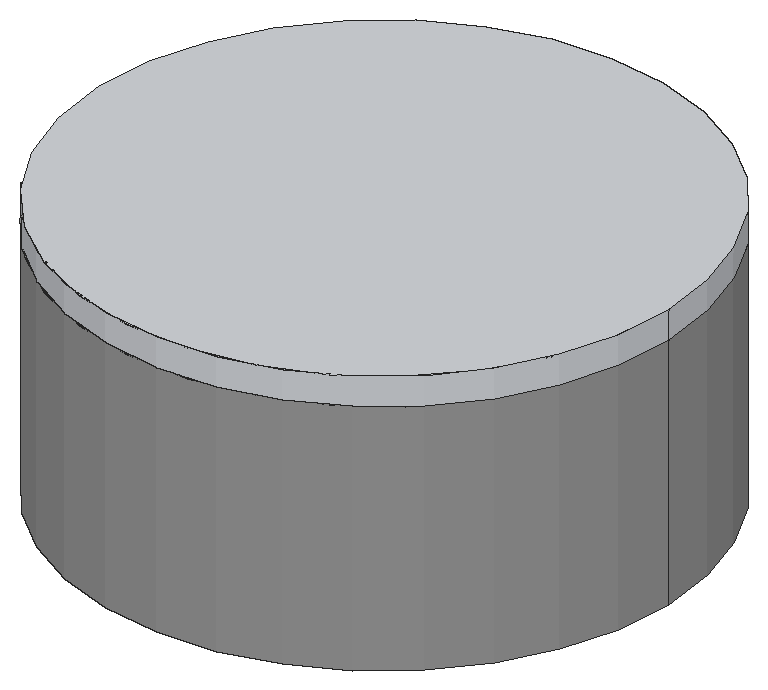
Revit family "Building-ContenitoriParete-GEWISS-44CE-CASSETTE-DERIVAZIONE-PARETE_ROTONDE", category Apparecchi elettrici, host Superficie, Revit 2016
Family settings
  Host = Superficie
  Mantenere orientamento annotazione = Sì
  Tipo di parte = Normale
  Quota connettore circolare = Usa diametro
  Numero OmniClass = 23.80.30.14.24
  Titolo OmniClass = Junction Boxes
  Taglio con vuoti quando caricato = No
  Condiviso = No
  Punto di calcolo locali = Sì
Parameters (values of type "GW44052 - CASS.IP44 DIAM.80X40 PASSACAVI GWT 960°C")
  coperchio scatola = GEWISS COPERCHIO
  Voltaggio = 0 V
  Versione file RFA = "18.0"
  VISTA DI PIANTA [instance] = yes
  URL = "https://www.gewiss.com/it/it"
  Tipo Materiale = ""
  Termopressione con biglia = "85 °C"
  Temperatura di impiego = "-25 +60 °C"
  Scheda Tecnica = "https://www.gewiss.com/it/it/search?q=GW44052"
  SEO = "Cassetta"
  Resistenza agli urti = "IK07"
  Produttore = "GEWISS S.p.A."
  Pareti = "Con passacavi"
  Modello = "GW44052"
  Materiale = "Tecnopolimero GWPLAST 75"
  Immagine tipo = GW44001.jpg
  Scatola = GEWISS SCATOLA
  SIMBOLO [instance] = yes
  Raggio coperchio = Foro + 3 mm  # 45 mm
  IDT = "7d4f1a4b-4295-41f9-b726-f05049c8eb16"
  IDF = "a891d691-e4ca-4168-bfca-822674811c97"
  Grado di protezione = "IP44"
  Glow Wire Test = "960°C"
  GEWISS SCHEDA TECNICA = "http://pro.gewiss.com/irj/portal/?NavigationTarget=pcd:portal_content/com.gewiss.ZPPFDMain/com.gewiss.ZPPFDITMain/com.gewiss.ZPPFDITMainDefault/com.gewiss.ZPPFDITPages/com.gewiss.ZPPFDITPagesAP/com.gewiss.ZPPFDITPagesAPCatalogo/com.gewiss.ZPPPDITAPProductDetail&codProd=GW44052"
  Foro = Raggio + 2 mm  # 42 mm
  Raggio = 40 mm
  Entrate N. fori / Ã˜ = "4 / 23"
  Distanza orizzontale simbolo [instance] = 181 mm
  Distanza dal muro [instance] = 4.208 mm
  Prospetto di default = 250 mm
  Spessore = 35 mm
  Elemento di dettaglio = ELEMENTI DI DETTAGLIO 44CE-ROUND : Ø 80x40
  Dim. interne BxHxP (mm) = "Ø 80x40"
  Diametro scatola = Raggio * 2  # 80 mm
  Descrizione = "CASS.IP44 DIAM.80X40 PASSACAVI GWT 960°C"
  Creato da GEWISS S.p.A. = ""
  Corrugato = none
  Coperchio = "Basso a pressione"
  Colore coperchio = ""
  Colore cassetta = ""
  Colore = "Grigio RAL 7035"
  Codice Electrocod = "02210"
  Codice EAN = "8011564217720"
  Classificazione = Other
  Classe isolamento = "II (secondo Norma IEC 61140)"
  Catalogo Serie = "44 CE"
  Catalogo = "BUILDING"
  Carico apparente = 0 VA
  CORNICE SIMBOLO [instance] = yes
  COBie.Tagnumber = ""
  COBie.CreatedOn = ""
  COBie.CreatebBy = ""
  COBie.ComponentRegisterItemID = ""
  COBie.Component.TagNumber = ""
  COBie.Component.Space = ""
  COBie.Component.SerialNumber = ""
  COBie.Component.InstallationDate = ""
  COBie.Component.Description = ""
  COBie.Component.BarCode = ""
  Applicazione = "Derivazioni speciali"
  Accessori per ripristino isolamento = "GW44622"
Types (5, lengths in mm): name | Tipo Materiale | Scheda Tecnica | Modello | Immagine tipo | Scatola | Raggio coperchio | IDT | Glow Wire Test | GEWISS SCHEDA TECNICA | Foro | Raggio | Elemento di dettaglio | Dim. interne BxHxP (mm) | Diametro scatola | Descrizione | Colore coperchio | Colore cassetta | Colore | Codice EAN | Applicazione
  GW44001 - CASSETTA IP44 DIAM.65X35 CON PASSACAVI | "Halogen free secondo norma EN 60754-2" | "https://www.gewiss.com/it/it/search?q=GW44001" | "GW44001" | GW44001.jpg | GEWISS SCATOLA | 37.5 | "660c6dfd-ea2f-46c9-9122-45e4e3070b40" | "650°C" | "http://pro.gewiss.com/irj/portal/?NavigationTarget=pcd:portal_content/com.gewiss.ZPPFDMain/com.gewiss.ZPPFDITMain/com.gewiss.ZPPFDITMainDefault/com.gewiss.ZPPFDITPages/com.gewiss.ZPPFDITPagesAP/com.gewiss.ZPPFDITPagesAPCatalogo/com.gewiss.ZPPPDITAPProductDetail&codProd=GW44001" | 34.5 | 32.5 | ELEMENTI DI DETTAGLIO 44CE-ROUND : Ø 65x35 | "Ø 65x35" | 65 | "CASSETTA IP44 DIAM.65X35 CON PASSACAVI" | "" | "" | "Grigio RAL 7035" | "8011564013667" | "Derivazioni ordinarie"
  GW44002 - CASSETTA IP44 DIAM.80X40 CON PASSACAVI | "Halogen free secondo norma EN 60754-2" | "https://www.gewiss.com/it/it/search?q=GW44002" | "GW44002" | GW44002.jpg | GEWISS SCATOLA | 45 | "f215516a-3b99-4cdb-8584-1a1891b5a973" | "650°C" | "http://pro.gewiss.com/irj/portal/?NavigationTarget=pcd:portal_content/com.gewiss.ZPPFDMain/com.gewiss.ZPPFDITMain/com.gewiss.ZPPFDITMainDefault/com.gewiss.ZPPFDITPages/com.gewiss.ZPPFDITPagesAP/com.gewiss.ZPPFDITPagesAPCatalogo/com.gewiss.ZPPPDITAPProductDetail&codProd=GW44002" | 42 | 40 | ELEMENTI DI DETTAGLIO 44CE-ROUND : Ø 80x40 | "Ø 80x40" | 80 | "CASSETTA IP44 DIAM.80X40 CON PASSACAVI" | "" | "" | "Grigio RAL 7035" | "8011564013674" | "Derivazioni ordinarie"
  GW44051 - CASS.IP44 DIAM.65X35 PASSACAVI GWT 960°C | "" | "https://www.gewiss.com/it/it/search?q=GW44051" | "GW44051" | GW44001.jpg | GEWISS SCATOLA | 37.5 | "1d503d68-e105-457d-8078-3e6d07989342" | "960°C" | "http://pro.gewiss.com/irj/portal/?NavigationTarget=pcd:portal_content/com.gewiss.ZPPFDMain/com.gewiss.ZPPFDITMain/com.gewiss.ZPPFDITMainDefault/com.gewiss.ZPPFDITPages/com.gewiss.ZPPFDITPagesAP/com.gewiss.ZPPFDITPagesAPCatalogo/com.gewiss.ZPPPDITAPProductDetail&codProd=GW44051" | 34.5 | 32.5 | ELEMENTI DI DETTAGLIO 44CE-ROUND : Ø 65x35 | "Ø 65x35" | 65 | "CASS.IP44 DIAM.65X35 PASSACAVI GWT 960°C" | "" | "" | "Grigio RAL 7035" | "8011564180369" | "Derivazioni speciali"
  GW44051R - CASS.IP44 D.65X35 P.CAVI GWT 960°C R/G | "" | "https://www.gewiss.com/it/it/search?q=GW44051R" | "GW44051R" | GW44051R.jpg | ROSSO RAL 3000 | 37.5 | "aff0a857-a63f-4b1f-a961-0a87f282ccfd" | "960°C" | "http://pro.gewiss.com/irj/portal/?NavigationTarget=pcd:portal_content/com.gewiss.ZPPFDMain/com.gewiss.ZPPFDITMain/com.gewiss.ZPPFDITMainDefault/com.gewiss.ZPPFDITPages/com.gewiss.ZPPFDITPagesAP/com.gewiss.ZPPFDITPagesAPCatalogo/com.gewiss.ZPPPDITAPProductDetail&codProd=GW44051R" | 34.5 | 32.5 | ELEMENTI DI DETTAGLIO 44CE-ROUND : Ø 65x35 | "Ø 65x35" | 65 | "CASS.IP44 D.65X35 P.CAVI GWT 960°C R/G" | "Grigio RAL 7035" | "Rosso RAL 3000" | "" | "8011564261617" | "Derivazioni speciali"
  GW44052 - CASS.IP44 DIAM.80X40 PASSACAVI GWT 960°C | "" | "https://www.gewiss.com/it/it/search?q=GW44052" | "GW44052" | GW44001.jpg | GEWISS SCATOLA | 45 | "7d4f1a4b-4295-41f9-b726-f05049c8eb16" | "960°C" | "http://pro.gewiss.com/irj/portal/?NavigationTarget=pcd:portal_content/com.gewiss.ZPPFDMain/com.gewiss.ZPPFDITMain/com.gewiss.ZPPFDITMainDefault/com.gewiss.ZPPFDITPages/com.gewiss.ZPPFDITPagesAP/com.gewiss.ZPPFDITPagesAPCatalogo/com.gewiss.ZPPPDITAPProductDetail&codProd=GW44052" | 42 | 40 | ELEMENTI DI DETTAGLIO 44CE-ROUND : Ø 80x40 | "Ø 80x40" | 80 | "CASS.IP44 DIAM.80X40 PASSACAVI GWT 960°C" | "" | "" | "Grigio RAL 7035" | "8011564217720" | "Derivazioni speciali"
Reference planes
  plane 1 "Centro (Fronte/Retro)": y = 0
  plane 2: z = 0
  plane 3 "Centro (Sinistra/Destra)": x = 0
  plane 4: z = 35
  plane 5: z = 2
  plane 6: z = 39
  plane 7: x = -40
  plane 8: x = 40
  plane 9: y = 40
  plane 10: y = -40
  plane 11: x = -181
Forms (mm)
  Extrusion 1, solid, material "GEWISS SCATOLA" <- "Scatola"
    sketch origin (0, 0, 0) x (1, 0, 0) y (0, 1, 0)
      loop
        circle (0, 0) r 42
      loop
        circle (0, 0) r 40
    from 0 to 35
  Extrusion 2, solid
    sketch origin (0, 0, 0) x (1, 0, 0) y (0, 1, 0)
      loop
        circle (0, 0) r 40
    from 0 to 2
  Extrusion 3, solid
    sketch origin (0, 0, -7.912) x (-1, 0, 0) y (0, -1, 0)
      loop
        circle (0, 0) r 42
    from 42.912 to 46.912
Lines and regions (mm)
  Masking region 1, visible <- "VISTA DI PIANTA"
    outline origin (0, 0, 0) x (1, 0, 0) y (0, 0, 1)
      loop
        line (-40, 0) -> (40, 0) -> (40, 39) -> (-40, 39) -> (-40, 0)
  Masking region 2
    outline origin (0, 0, 0) x (0, 1, 0) y (0, 0, 1)
      loop
        line (-40, 0) -> (40, 0) -> (40, 39) -> (-40, 39) -> (-40, 0)
Dimensions and locks
  "Spessore": plane 4 to host face
  locked: plane 6 to plane 4 at 4
  equal spacing: plane 7, plane 3 "Centro (Sinistra/Destra)", plane 8
  "Diametro scatola": plane 7 to plane 8
  equal spacing: plane 9, plane 1 "Centro (Fronte/Retro)", plane 10
  "Diametro scatola": plane 9 to plane 10
  "Distanza orizzontale simbolo": plane 11 to plane 3 "Centro (Sinistra/Destra)"
  "Foro": radius of Extrusion 1 sketch curve
  "Raggio": radius of Extrusion 1 sketch curve
  "Raggio": radius of Extrusion 2 sketch curve
  "Diametro scatola": diameter of Extrusion 1
  aligned and locked: plane 2 to host face
  aligned and locked: level to host face
  aligned and locked: plane 3 "Centro (Sinistra/Destra)" to nested 1
  aligned and locked: plane 1 "Centro (Fronte/Retro)" to nested 1
  aligned and locked: Extrusion 1 to host face
  aligned and locked: plane 4 to Extrusion 1
  aligned and locked: Extrusion 2 to host face
  aligned and locked: plane 5 to Extrusion 2
  aligned and locked: Extrusion 3 to plane 4
  aligned and locked: plane 6 to Extrusion 3
  aligned and locked: Extrusion 3 sketch curve to Extrusion 1
  aligned and locked: Extrusion 1 to Masking region 1 sketch curve
  aligned and locked: Extrusion 3 to Masking region 1 sketch curve
  aligned and locked: Extrusion 1 to Masking region 2 sketch curve
  aligned and locked: Extrusion 3 to Masking region 2 sketch curve
  aligned and locked: plane 8 to Masking region 1
  aligned and locked: Masking region 2 to plane 10
  aligned and locked: plane 9 to Masking region 2
  aligned and locked: plane 11 to nested 2
Automatic sketch dimensions
  host sketch curve to host sketch curve = 2438.4 mm  (x2)
  plane 1 "Centro (Fronte/Retro)" to Masking region 2 sketch curve = 40 mm
  Masking region 2 sketch curve to plane 1 "Centro (Fronte/Retro)" = 40 mm
  Masking region 1 sketch curve to plane 7 = 0 mm
  plane 8 to Masking region 1 sketch curve = 0 mm
  Extrusion 1 sketch curve to Extrusion 1 sketch curve = 0 mm  (x2)
  plane 1 "Centro (Fronte/Retro)" to Extrusion 1 sketch curve = 0 mm
  Extrusion 1 sketch curve to plane 3 "Centro (Sinistra/Destra)" = 0 mm
  plane 1 "Centro (Fronte/Retro)" to Extrusion 2 sketch curve = 0 mm
  Extrusion 2 sketch curve to plane 3 "Centro (Sinistra/Destra)" = 0 mm
Nested families
  nested 1: "ELEMENTI DI DETTAGLIO 44CE-ROUND" at (0, 0, -7.912), type <- "Elemento di dettaglio", type "Ø 80x40", detail levels medium+fine
  nested 2: "CASSDERIVAZPARPASS" at (-181, 328.774, 0), BORDO ACCESO <- "CORNICE SIMBOLO", SIMBOLO ACCESO <- "SIMBOLO", Distanza dal muro <- "Distanza dal muro", type "CASSETTA"
    with SIMBOLO ACCESO yes, Distanza dal muro 4.208 mm, BORDO ACCESO yes
Connectors
  electrical at (0, 0, 0), driven by "Classificazione", driven by "Voltaggio", driven by "Carico apparente"
    settings: on Extrusion 1, index 1, voltage 0 V, apparent load 0 VA, apparent load phase1 0 VA, apparent load phase2 0 VA, apparent load phase3 0 VA, power factor 1, load classification "Other", number of poles 1, system type 31, power factor state 1, is connector primary yes, connector utility no, sub classification motor no, connector description ""
Definition of nested family "ELEMENTI DI DETTAGLIO 44CE-ROUND"
  Parameters (values of type "Ø 80x40")
    GW44002 = yes
    GW44001 = no
  Types (2, lengths in mm): name | GW44002 | GW44001
    Ø 65x35 | no | yes
    Ø 80x40 | yes | no
  Reference planes
    plane 1 "Centro (Fronte/Retro)": y = 0
    plane 2: z = 0
    plane 3 "Centro (Sinistra/Destra)": x = 0
  Lines and regions (mm)
    detail lines, in view "Livello rif.", visible <- "GW44001"
      curve 1: line (-50.971, -0.033, 0) -> (50.909, -0.033, 0)
      curve 2: line (0.065, 34.389, 0) -> (0.065, -47.726, 0)
      curve 3: arc (-32.187, 4.08, 0) -> (1.777, -32.4, 0) -> (31.467, 7.635, 0) r 32.418
      curve 4: arc (-33.915, 3.934, 0) -> (2.015, -34.188, 0) -> (33.373, 7.775, 0) r 34.211
      curve 5: arc (-6.994, -33.507, 0) -> (-7.913, -34.857, 0) -> (-6.689, -35.937, 0) r 1.234
      curve 6: arc (6.819, -35.937, 0) -> (8.043, -34.857, 0) -> (7.124, -33.507, 0) r 1.234
      curve 7: arc (-3.845, -35.937, 0) -> (-4.828, -37.269, 0) -> (-3.6, -38.38, 0) r 1.234
      curve 8: arc (3.73, -38.38, 0) -> (4.958, -37.269, 0) -> (3.975, -35.937, 0) r 1.234
      curve 9: arc (-1.271, -38.38, 0) -> (0.065, -39.717, 0) -> (1.402, -38.38, 0) r 1.336
      curve 10: arc (-3.888, 39.556, 0) -> (-5.116, 38.445, 0) -> (-4.133, 37.112, 0) r 1.234
      curve 11: arc (-6.976, 37.112, 0) -> (-8.187, 36.118, 0) -> (-7.446, 34.737, 0) r 1.234
      curve 12: arc (3.688, 37.112, 0) -> (4.671, 38.445, 0) -> (3.443, 39.556, 0) r 1.234
      curve 13: arc (1.114, 39.556, 0) -> (-0.222, 40.893, 0) -> (-1.559, 39.556, 0) r 1.336
      curve 14: arc (7.183, 34.83, 0) -> (7.718, 36.217, 0) -> (6.532, 37.112, 0) r 1.234
      curve 15: arc (35.969, 6.721, 0) -> (34.889, 7.946, 0) -> (33.539, 7.027, 0) r 1.234
      curve 16: arc (35.969, -3.943, 0) -> (37.302, -4.926, 0) -> (38.413, -3.698, 0) r 1.234
      curve 17: arc (33.539, -7.092, 0) -> (34.889, -8.011, 0) -> (35.969, -6.787, 0) r 1.234
      curve 18: arc (38.413, -1.369, 0) -> (39.749, -0.033, 0) -> (38.413, 1.304, 0) r 1.336
      curve 19: arc (38.413, 3.633, 0) -> (37.302, 4.861, 0) -> (35.969, 3.878, 0) r 1.234
      curve 20: arc (-38.283, -3.698, 0) -> (-37.172, -4.926, 0) -> (-35.839, -3.943, 0) r 1.234
      curve 21: arc (-35.839, -6.787, 0) -> (-34.759, -8.011, 0) -> (-33.409, -7.092, 0) r 1.234
      curve 22: arc (-35.839, 3.878, 0) -> (-37.172, 4.861, 0) -> (-38.283, 3.633, 0) r 1.234
      curve 23: arc (-38.283, 1.304, 0) -> (-39.619, -0.033, 0) -> (-38.283, -1.369, 0) r 1.336
      curve 24: arc (-34.475, 7.948, 0) -> (-35.43, 7.639, 0) -> (-35.839, 6.721, 0) r 1.234
      curve 25: circle (0.065, -0.033, 0) r 3.665 normal (0, 0, 1)
      curve 26: circle (0.065, -0.033, 0) r 4.887 normal (0, 0, 1)
      curve 27: arc (9.871, -6.659, 0) -> (6.688, -6.656, 0) -> (6.691, -9.838, 0) r 2.248
      curve 28: arc (9.444, -7.716, 0) -> (7.748, -7.716, 0) -> (7.748, -9.412, 0) r 1.199
      curve 29: arc (17.212, -18.875, 0) -> (18.908, -18.874, 0) -> (18.906, -17.177, 0) r 1.199
      curve 30: arc (16.786, -19.934, 0) -> (19.968, -19.934, 0) -> (19.964, -16.752, 0) r 2.248
      curve 31: arc (-7.616, -9.41, 0) -> (-7.619, -7.715, 0) -> (-9.314, -7.716, 0) r 1.199
      curve 32: arc (-6.562, -9.839, 0) -> (-6.556, -6.658, 0) -> (-9.738, -6.656, 0) r 2.248
      curve 33: arc (-19.835, -16.753, 0) -> (-19.837, -19.935, 0) -> (-16.654, -19.932, 0) r 2.248
      curve 34: arc (-18.777, -17.179, 0) -> (-18.778, -18.875, 0) -> (-17.083, -18.876, 0) r 1.199
      curve 35: circle (-21.927, -0.033, 0) r 2.444 normal (0, 0, 1)
      curve 36: circle (22.058, -0.033, 0) r 2.444 normal (0, 0, 1)
      curve 37: arc (34.652, 7.953, 0) -> (-2.121, 35.478, 0) -> (-35.182, 3.59, 0) r 35.442
      curve 38: arc (1.038, 6.962, 0) -> (-4.499, 7.572, 0) -> (-10.069, 7.635, 0) r 56.535
      curve 39: arc (-30.769, 3.934, 0) -> (-20.412, 5.745, 0) -> (-10.069, 7.635, 0) r 1387.065
      curve 40: arc (-30.769, 3.934, 0) -> (-32.998, 4.056, 0) -> (-35.182, 3.59, 0) r 8.447
      curve 41: arc (26.449, 7.635, 0) -> (13.728, 7.867, 0) -> (1.038, 6.962, 0) r 142.173
      curve 42: arc (26.449, 7.635, 0) -> (30.37, 7.589, 0) -> (34.282, 7.869, 0) r 47.185
      curve 43: arc (4.727, 69.416, 0) -> (0.946, 70.415, 0) -> (-2.83, 69.396, 0) r 7.579
      curve 44: arc (-2.779, 69.425, 0) -> (0.973, 68.416, 0) -> (4.727, 69.416, 0) r 7.51
      curve 45: arc (-2.83, 69.396, 0) -> (-6.437, 69.788, 0) -> (-9.935, 68.824, 0) r 9.668
      curve 46: line (22.229, -22.197, 0) -> (0.065, -0.033, 0)
      curve 47: line (0.065, -0.033, 0) -> (-22.099, -22.197, 0)
      curve 48: line (-3.6, -38.38, 0) -> (3.73, -38.38, 0)
      curve 49: line (-6.689, -35.937, 0) -> (6.819, -35.937, 0)
      curve 50: line (9.654, -28.45, 0) -> (-9.506, -28.45, 0)
      curve 51: line (-9.506, -28.45, 0) -> (-10.979, -30.599, 0)
      curve 52: line (-10.979, -30.599, 0) -> (11.013, -30.599, 0)
      curve 53: line (11.013, -30.599, 0) -> (9.654, -28.45, 0)
      curve 54: line (-16.654, -19.932, 0) -> (-6.562, -9.839, 0)
      curve 55: line (-17.083, -18.876, 0) -> (-7.616, -9.41, 0)
      curve 56: line (-30.511, 3.978, 0) -> (-30.511, -11.049, 0)
      curve 57: line (-30.511, -11.049, 0) -> (-28.367, -9.577, 0)
      curve 58: line (-28.367, -9.577, 0) -> (-28.367, 4.608, 0)
      curve 59: line (-19.835, -16.753, 0) -> (-9.738, -6.656, 0)
      curve 60: line (-18.777, -17.179, 0) -> (-9.314, -7.716, 0)
      curve 61: line (-21.927, 4.607, 0) -> (-21.927, -4.141, 0)
      curve 62: line (30.6, 7.596, 0) -> (30.6, -11.163, 0)
      curve 63: line (30.6, -11.163, 0) -> (28.497, -9.69, 0)
      curve 64: line (28.497, -9.69, 0) -> (28.497, 7.57, 0)
      curve 65: line (18.906, -17.177, 0) -> (9.444, -7.716, 0)
      curve 66: line (19.964, -16.752, 0) -> (9.871, -6.659, 0)
      curve 67: line (16.786, -19.934, 0) -> (6.691, -9.838, 0)
      curve 68: line (17.212, -18.875, 0) -> (7.748, -9.412, 0)
      curve 69: line (22.058, 4.607, 0) -> (22.058, -4.141, 0)
      curve 70: line (-6.976, 37.112, 0) -> (6.532, 37.112, 0)
      curve 71: line (-3.888, 39.556, 0) -> (3.443, 39.556, 0)
      curve 72: line (35.969, -6.787, 0) -> (35.969, 6.721, 0)
      curve 73: line (38.413, -3.698, 0) -> (38.413, 3.633, 0)
      curve 74: line (-35.839, -6.787, 0) -> (-35.839, 6.721, 0)
      curve 75: line (-38.283, -3.698, 0) -> (-38.283, 3.633, 0)
      curve 76: line (-9.935, 68.824, 0) -> (-9.935, 34.389, 0)
      curve 77: line (-9.935, 34.389, 0) -> (10.065, 34.389, 0)
      curve 78: line (10.065, 34.389, 0) -> (10.065, 68.824, 0)
      curve 79: line (10.065, 68.824, 0) -> (4.727, 69.416, 0)
      curve 80: line (-9.935, 68.199, 0) -> (-9.935, 58.139, 0)
      curve 81: line (10.065, 68.199, 0) -> (10.065, 58.139, 0)
    detail lines, in view "Livello rif.", visible <- "GW44002"
      curve 82: line (-50.971, 0, 0) -> (50.909, 0, 0)
      curve 83: line (0.065, 54.865, 0) -> (0.065, -47.693, 0)
      curve 84: arc (-39.605, 5.059, 0) -> (2.17, -39.812, 0) -> (38.69, 9.431, 0) r 39.874
      curve 85: arc (-41.73, 4.879, 0) -> (2.463, -42.011, 0) -> (41.034, 9.603, 0) r 42.079
      curve 86: arc (-8.618, -41.173, 0) -> (-9.748, -42.833, 0) -> (-8.242, -44.162, 0) r 1.518
      curve 87: arc (8.372, -44.162, 0) -> (9.878, -42.833, 0) -> (8.748, -41.173, 0) r 1.518
      curve 88: arc (-4.745, -44.162, 0) -> (-5.954, -45.801, 0) -> (-4.443, -47.168, 0) r 1.518
      curve 89: arc (4.574, -47.168, 0) -> (6.084, -45.801, 0) -> (4.875, -44.162, 0) r 1.518
      curve 90: arc (-1.271, -47.168, 0) -> (0.065, -48.504, 0) -> (1.402, -47.168, 0) r 1.336
      curve 91: arc (-4.797, 48.694, 0) -> (-6.307, 47.328, 0) -> (-5.098, 45.689, 0) r 1.518
      curve 92: arc (-8.596, 45.689, 0) -> (-10.085, 44.465, 0) -> (-9.174, 42.767, 0) r 1.518
      curve 93: arc (4.521, 45.689, 0) -> (5.73, 47.328, 0) -> (4.22, 48.694, 0) r 1.518
      curve 94: arc (1.355, 48.694, 0) -> (-0.289, 50.338, 0) -> (-1.932, 48.694, 0) r 1.644
      curve 95: arc (8.82, 42.881, 0) -> (9.478, 44.587, 0) -> (8.019, 45.689, 0) r 1.518
      curve 96: arc (44.227, 8.307, 0) -> (42.898, 9.813, 0) -> (41.238, 8.683, 0) r 1.518
      curve 97: arc (44.227, -4.81, 0) -> (45.866, -6.019, 0) -> (47.233, -4.508, 0) r 1.518
      curve 98: arc (41.238, -8.683, 0) -> (42.898, -9.813, 0) -> (44.227, -8.307, 0) r 1.518
      curve 99: arc (47.233, -1.644, 0) -> (48.877, 0, 0) -> (47.233, 1.644, 0) r 1.644
      curve 100: arc (47.233, 4.508, 0) -> (45.866, 6.019, 0) -> (44.227, 4.81, 0) r 1.518
      curve 101: arc (-47.103, -4.508, 0) -> (-45.736, -6.019, 0) -> (-44.097, -4.81, 0) r 1.518
      curve 102: arc (-44.097, -8.307, 0) -> (-42.768, -9.813, 0) -> (-41.108, -8.683, 0) r 1.518
      curve 103: arc (-44.097, 4.81, 0) -> (-45.736, 6.019, 0) -> (-47.103, 4.508, 0) r 1.518
      curve 104: arc (-47.103, 1.644, 0) -> (-48.746, 0, 0) -> (-47.103, -1.644, 0) r 1.644
      curve 105: arc (-42.419, 9.817, 0) -> (-43.594, 9.436, 0) -> (-44.097, 8.307, 0) r 1.518
      curve 106: circle (0.065, 0, 0) r 4.508 normal (0, 0, 1)
      curve 107: circle (0.065, 0, 0) r 6.011 normal (0, 0, 1)
      curve 108: arc (12.126, -8.15, 0) -> (8.212, -8.147, 0) -> (8.215, -12.061, 0) r 2.765
      curve 109: arc (11.601, -9.45, 0) -> (9.515, -9.45, 0) -> (9.515, -11.536, 0) r 1.475
      curve 110: arc (21.155, -23.176, 0) -> (23.242, -23.175, 0) -> (23.239, -21.088, 0) r 1.475
      curve 111: arc (20.632, -24.478, 0) -> (24.546, -24.478, 0) -> (24.54, -20.564, 0) r 2.765
      curve 112: arc (-9.383, -11.534, 0) -> (-9.386, -9.449, 0) -> (-11.471, -9.45, 0) r 1.475
      curve 113: arc (-8.086, -12.062, 0) -> (-8.079, -8.149, 0) -> (-11.992, -8.147, 0) r 2.765
      curve 114: arc (-24.412, -20.566, 0) -> (-24.414, -24.48, 0) -> (-20.5, -24.476, 0) r 2.765
      curve 115: arc (-23.111, -21.09, 0) -> (-23.112, -23.175, 0) -> (-21.026, -23.177, 0) r 1.475
      curve 116: circle (-26.986, 0, 0) r 3.006 normal (0, 0, 1)
      curve 117: circle (27.116, 0, 0) r 3.006 normal (0, 0, 1)
      curve 118: arc (42.606, 9.822, 0) -> (-2.624, 43.679, 0) -> (-43.288, 4.456, 0) r 43.594
      curve 119: arc (1.261, 8.603, 0) -> (-5.549, 9.354, 0) -> (-12.4, 9.431, 0) r 69.539
      curve 120: arc (-37.86, 4.879, 0) -> (-25.122, 7.107, 0) -> (-12.4, 9.431, 0) r 1706.09
      curve 121: arc (-37.86, 4.879, 0) -> (-40.603, 5.029, 0) -> (-43.288, 4.456, 0) r 10.39
      curve 122: arc (32.517, 9.431, 0) -> (16.871, 9.717, 0) -> (1.261, 8.603, 0) r 174.873
      curve 123: arc (32.517, 9.431, 0) -> (37.341, 9.375, 0) -> (42.152, 9.719, 0) r 58.037
      curve 124: arc (4.613, 69.474, 0) -> (0.862, 70.473, 0) -> (-2.892, 69.484, 0) r 7.579
      curve 125: arc (-2.892, 69.484, 0) -> (0.859, 68.474, 0) -> (4.613, 69.474, 0) r 7.51
      curve 126: arc (-2.7, 69.376, 0) -> (-6.423, 69.856, 0) -> (-10.048, 68.882, 0) r 9.668
      curve 127: line (27.327, -27.262, 0) -> (0.065, 0, 0)
      curve 128: line (0.065, 0, 0) -> (-27.197, -27.262, 0)
      curve 129: line (-4.443, -47.168, 0) -> (4.574, -47.168, 0)
      curve 130: line (-8.242, -44.162, 0) -> (8.372, -44.162, 0)
      curve 131: line (11.859, -34.954, 0) -> (-11.708, -34.954, 0)
      curve 132: line (-11.708, -34.954, 0) -> (-13.519, -37.596, 0)
      curve 133: line (-13.519, -37.596, 0) -> (13.532, -37.596, 0)
      curve 134: line (13.532, -37.596, 0) -> (11.859, -34.954, 0)
      curve 135: line (-20.5, -24.476, 0) -> (-8.086, -12.062, 0)
      curve 136: line (-21.026, -23.177, 0) -> (-9.383, -11.534, 0)
      curve 137: line (-37.543, 4.933, 0) -> (-37.543, -13.55, 0)
      curve 138: line (-37.543, -13.55, 0) -> (-34.906, -11.739, 0)
      curve 139: line (-34.906, -11.739, 0) -> (-34.906, 5.709, 0)
      curve 140: line (-24.412, -20.566, 0) -> (-11.992, -8.147, 0)
      curve 141: line (-23.111, -21.09, 0) -> (-11.471, -9.45, 0)
      curve 142: line (-26.986, 5.707, 0) -> (-26.986, -5.053, 0)
      curve 143: line (37.623, 9.384, 0) -> (37.623, -13.69, 0)
      curve 144: line (37.623, -13.69, 0) -> (35.036, -11.879, 0)
      curve 145: line (35.036, -11.879, 0) -> (35.036, 9.352, 0)
      curve 146: line (23.239, -21.088, 0) -> (11.601, -9.45, 0)
      curve 147: line (24.54, -20.564, 0) -> (12.126, -8.15, 0)
      curve 148: line (20.632, -24.478, 0) -> (8.215, -12.061, 0)
      curve 149: line (21.155, -23.176, 0) -> (9.515, -11.536, 0)
      curve 150: line (27.116, 5.707, 0) -> (27.116, -5.053, 0)
      curve 151: line (-8.596, 45.689, 0) -> (8.019, 45.689, 0)
      curve 152: line (-4.797, 48.694, 0) -> (4.22, 48.694, 0)
      curve 153: line (44.227, -8.307, 0) -> (44.227, 8.307, 0)
      curve 154: line (47.233, -4.508, 0) -> (47.233, 4.508, 0)
      curve 155: line (-44.097, -8.307, 0) -> (-44.097, 8.307, 0)
      curve 156: line (-47.103, -4.508, 0) -> (-47.103, 4.508, 0)
      curve 157: line (-10.048, 68.882, 0) -> (-10.048, 50.013, 0)
      curve 158: line (-10.048, 50.013, 0) -> (9.952, 50.013, 0)
      curve 159: line (9.952, 50.013, 0) -> (9.952, 68.882, 0)
      curve 160: line (9.952, 68.882, 0) -> (4.613, 69.474, 0)
      curve 161: line (-10.048, 68.257, 0) -> (-10.048, 58.198, 0)
      curve 162: line (9.952, 68.257, 0) -> (9.952, 58.198, 0)
    detail lines, in view "Livello rif.", visible <- "GW44002", not visible
      curve 163: line (71.386, -0.904, 0) -> (173.266, -0.904, 0)
      curve 164: line (122.422, 53.961, 0) -> (122.422, -48.597, 0)
      curve 165: arc (82.752, 4.155, 0) -> (124.527, -40.716, 0) -> (161.046, 8.527, 0) r 39.874
      curve 166: arc (80.626, 3.975, 0) -> (124.82, -42.915, 0) -> (163.39, 8.699, 0) r 42.079
      curve 167: arc (113.739, -42.078, 0) -> (112.608, -43.738, 0) -> (114.114, -45.066, 0) r 1.518
      curve 168: arc (130.729, -45.066, 0) -> (132.235, -43.738, 0) -> (131.105, -42.078, 0) r 1.518
      curve 169: arc (117.612, -45.066, 0) -> (116.403, -46.705, 0) -> (117.913, -48.072, 0) r 1.518
      curve 170: arc (126.93, -48.072, 0) -> (128.441, -46.705, 0) -> (127.231, -45.066, 0) r 1.518
      curve 171: arc (121.085, -48.072, 0) -> (122.422, -49.408, 0) -> (123.758, -48.072, 0) r 1.336
      curve 172: arc (117.56, 47.79, 0) -> (116.049, 46.424, 0) -> (117.258, 44.784, 0) r 1.518
      curve 173: arc (113.761, 44.784, 0) -> (112.272, 43.561, 0) -> (113.183, 41.863, 0) r 1.518
      curve 174: arc (126.878, 44.784, 0) -> (128.087, 46.424, 0) -> (126.577, 47.79, 0) r 1.518
      curve 175: arc (123.712, 47.79, 0) -> (122.068, 49.434, 0) -> (120.424, 47.79, 0) r 1.644
      curve 176: arc (131.177, 41.977, 0) -> (131.835, 43.683, 0) -> (130.375, 44.784, 0) r 1.518
      curve 177: arc (166.584, 7.403, 0) -> (165.255, 8.909, 0) -> (163.595, 7.779, 0) r 1.518
      curve 178: arc (166.584, -5.714, 0) -> (168.223, -6.923, 0) -> (169.589, -5.413, 0) r 1.518
      curve 179: arc (163.595, -9.587, 0) -> (165.255, -10.718, 0) -> (166.584, -9.212, 0) r 1.518
      curve 180: arc (169.589, -2.548, 0) -> (171.233, -0.904, 0) -> (169.589, 0.74, 0) r 1.644
      curve 181: arc (169.589, 3.604, 0) -> (168.223, 5.115, 0) -> (166.584, 3.906, 0) r 1.518
      curve 182: arc (75.254, -5.413, 0) -> (76.621, -6.923, 0) -> (78.26, -5.714, 0) r 1.518
      curve 183: arc (78.26, -9.212, 0) -> (79.588, -10.718, 0) -> (81.248, -9.587, 0) r 1.518
      curve 184: arc (78.26, 3.906, 0) -> (76.621, 5.115, 0) -> (75.254, 3.604, 0) r 1.518
      curve 185: arc (75.254, 0.74, 0) -> (73.61, -0.904, 0) -> (75.254, -2.548, 0) r 1.644
      curve 186: arc (79.938, 8.913, 0) -> (78.763, 8.532, 0) -> (78.26, 7.403, 0) r 1.518
      curve 187: circle (122.422, -0.904, 0) r 4.508 normal (0, 0, 1)
      curve 188: circle (122.422, -0.904, 0) r 6.011 normal (0, 0, 1)
      curve 189: arc (134.483, -9.054, 0) -> (130.568, -9.051, 0) -> (130.572, -12.965, 0) r 2.765
      curve 190: arc (133.958, -10.354, 0) -> (131.872, -10.354, 0) -> (131.872, -12.44, 0) r 1.475
      curve 191: arc (143.512, -24.08, 0) -> (145.599, -24.079, 0) -> (145.596, -21.992, 0) r 1.475
      curve 192: arc (142.989, -25.382, 0) -> (146.903, -25.382, 0) -> (146.897, -21.469, 0) r 2.765
      curve 193: arc (112.974, -12.438, 0) -> (112.97, -10.353, 0) -> (110.886, -10.354, 0) r 1.475
      curve 194: arc (114.27, -12.966, 0) -> (114.277, -9.053, 0) -> (110.364, -9.051, 0) r 2.765
      curve 195: arc (97.945, -21.47, 0) -> (97.943, -25.384, 0) -> (101.857, -25.38, 0) r 2.765
      curve 196: arc (99.246, -21.994, 0) -> (99.245, -24.08, 0) -> (101.33, -24.081, 0) r 1.475
      curve 197: circle (95.371, -0.904, 0) r 3.006 normal (0, 0, 1)
      curve 198: circle (149.472, -0.904, 0) r 3.006 normal (0, 0, 1)
      curve 199: arc (164.963, 8.918, 0) -> (119.733, 42.775, 0) -> (79.068, 3.552, 0) r 43.594
      curve 200: arc (123.618, 7.699, 0) -> (116.808, 8.45, 0) -> (109.956, 8.527, 0) r 69.539
      curve 201: arc (84.496, 3.975, 0) -> (97.235, 6.202, 0) -> (109.956, 8.527, 0) r 1706.09
      curve 202: arc (84.496, 3.975, 0) -> (81.754, 4.125, 0) -> (79.068, 3.552, 0) r 10.39
      curve 203: arc (154.874, 8.527, 0) -> (139.227, 8.813, 0) -> (123.618, 7.699, 0) r 174.873
      curve 204: arc (154.874, 8.527, 0) -> (159.697, 8.471, 0) -> (164.509, 8.815, 0) r 58.037
      curve 205: arc (126.97, 68.57, 0) -> (123.218, 69.569, 0) -> (119.465, 68.579, 0) r 7.579
      curve 206: arc (119.465, 68.579, 0) -> (123.216, 67.57, 0) -> (126.97, 68.57, 0) r 7.51
      curve 207: arc (119.656, 68.472, 0) -> (115.933, 68.952, 0) -> (112.308, 67.978, 0) r 9.668
      curve 208: line (149.684, -28.166, 0) -> (122.422, -0.904, 0)
      curve 209: line (122.422, -0.904, 0) -> (95.159, -28.166, 0)
      curve 210: line (117.913, -48.072, 0) -> (126.93, -48.072, 0)
      curve 211: line (114.114, -45.066, 0) -> (130.729, -45.066, 0)
      curve 212: line (134.216, -35.858, 0) -> (110.649, -35.858, 0)
      curve 213: line (110.649, -35.858, 0) -> (108.837, -38.5, 0)
      curve 214: line (108.837, -38.5, 0) -> (135.888, -38.5, 0)
      curve 215: line (135.888, -38.5, 0) -> (134.216, -35.858, 0)
      curve 216: line (101.857, -25.38, 0) -> (114.27, -12.966, 0)
      curve 217: line (101.33, -24.081, 0) -> (112.974, -12.438, 0)
      curve 218: line (84.813, 4.029, 0) -> (84.813, -14.455, 0)
      curve 219: line (84.813, -14.455, 0) -> (87.45, -12.643, 0)
      curve 220: line (87.45, -12.643, 0) -> (87.45, 4.804, 0)
      curve 221: line (97.945, -21.47, 0) -> (110.364, -9.051, 0)
      curve 222: line (99.246, -21.994, 0) -> (110.886, -10.354, 0)
      curve 223: line (95.371, 4.802, 0) -> (95.371, -5.957, 0)
      curve 224: line (159.979, 8.48, 0) -> (159.979, -14.594, 0)
      curve 225: line (159.979, -14.594, 0) -> (157.393, -12.783, 0)
      curve 226: line (157.393, -12.783, 0) -> (157.393, 8.447, 0)
      curve 227: line (145.596, -21.992, 0) -> (133.958, -10.354, 0)
      curve 228: line (146.897, -21.469, 0) -> (134.483, -9.054, 0)
      curve 229: line (142.989, -25.382, 0) -> (130.572, -12.965, 0)
      curve 230: line (143.512, -24.08, 0) -> (131.872, -12.44, 0)
      curve 231: line (149.472, 4.802, 0) -> (149.472, -5.957, 0)
      curve 232: line (113.761, 44.784, 0) -> (130.375, 44.784, 0)
      curve 233: line (117.56, 47.79, 0) -> (126.577, 47.79, 0)
      curve 234: line (166.584, -9.212, 0) -> (166.584, 7.403, 0)
      curve 235: line (169.589, -5.413, 0) -> (169.589, 3.604, 0)
      curve 236: line (78.26, -9.212, 0) -> (78.26, 7.403, 0)
      curve 237: line (75.254, -5.413, 0) -> (75.254, 3.604, 0)
      curve 238: line (112.308, 67.978, 0) -> (112.308, 49.109, 0)
      curve 239: line (112.308, 49.109, 0) -> (132.308, 49.109, 0)
      curve 240: line (132.308, 49.109, 0) -> (132.308, 67.978, 0)
      curve 241: line (132.308, 67.978, 0) -> (126.97, 68.57, 0)
      curve 242: line (112.308, 67.353, 0) -> (112.308, 57.294, 0)
      curve 243: line (132.308, 67.353, 0) -> (132.308, 57.294, 0)
    detail lines, in view "Livello rif.", visible <- "GW44001", not visible
      curve 244: line (0.065, 34.389, 0) -> (0.065, -47.726, 0)
      curve 245: arc (-32.187, 4.08, 0) -> (1.777, -32.4, 0) -> (31.467, 7.635, 0) r 32.418
      curve 246: arc (-33.915, 3.934, 0) -> (2.015, -34.188, 0) -> (33.373, 7.775, 0) r 34.211
      curve 247: arc (-6.994, -33.507, 0) -> (-7.913, -34.857, 0) -> (-6.689, -35.937, 0) r 1.234
      curve 248: arc (6.819, -35.937, 0) -> (8.043, -34.857, 0) -> (7.124, -33.507, 0) r 1.234
      curve 249: arc (-3.845, -35.937, 0) -> (-4.828, -37.269, 0) -> (-3.6, -38.38, 0) r 1.234
      curve 250: arc (3.73, -38.38, 0) -> (4.958, -37.269, 0) -> (3.975, -35.937, 0) r 1.234
      curve 251: arc (-1.271, -38.38, 0) -> (0.065, -39.717, 0) -> (1.402, -38.38, 0) r 1.336
      curve 252: arc (-3.888, 39.556, 0) -> (-5.116, 38.445, 0) -> (-4.133, 37.112, 0) r 1.234
      curve 253: arc (-6.976, 37.112, 0) -> (-8.187, 36.118, 0) -> (-7.446, 34.737, 0) r 1.234
      curve 254: arc (3.688, 37.112, 0) -> (4.671, 38.445, 0) -> (3.443, 39.556, 0) r 1.234
      curve 255: arc (1.114, 39.556, 0) -> (-0.222, 40.893, 0) -> (-1.559, 39.556, 0) r 1.336
      curve 256: arc (7.183, 34.83, 0) -> (7.718, 36.217, 0) -> (6.532, 37.112, 0) r 1.234
      curve 257: arc (35.969, 6.721, 0) -> (34.889, 7.946, 0) -> (33.539, 7.027, 0) r 1.234
      curve 258: arc (35.969, -3.943, 0) -> (37.302, -4.926, 0) -> (38.413, -3.698, 0) r 1.234
      curve 259: arc (33.539, -7.092, 0) -> (34.889, -8.011, 0) -> (35.969, -6.787, 0) r 1.234
      curve 260: arc (38.413, -1.369, 0) -> (39.749, -0.033, 0) -> (38.413, 1.304, 0) r 1.336
      curve 261: arc (38.413, 3.633, 0) -> (37.302, 4.861, 0) -> (35.969, 3.878, 0) r 1.234
      curve 262: arc (-38.283, -3.698, 0) -> (-37.172, -4.926, 0) -> (-35.839, -3.943, 0) r 1.234
      curve 263: arc (-35.839, -6.787, 0) -> (-34.759, -8.011, 0) -> (-33.409, -7.092, 0) r 1.234
      curve 264: arc (-35.839, 3.878, 0) -> (-37.172, 4.861, 0) -> (-38.283, 3.633, 0) r 1.234
      curve 265: arc (-38.283, 1.304, 0) -> (-39.619, -0.033, 0) -> (-38.283, -1.369, 0) r 1.336
      curve 266: arc (-34.475, 7.948, 0) -> (-35.43, 7.639, 0) -> (-35.839, 6.721, 0) r 1.234
      curve 267: circle (0.065, -0.033, 0) r 3.665 normal (0, 0, 1)
      curve 268: circle (0.065, -0.033, 0) r 4.887 normal (0, 0, 1)
      curve 269: arc (9.871, -6.659, 0) -> (6.688, -6.656, 0) -> (6.691, -9.838, 0) r 2.248
      curve 270: arc (9.444, -7.716, 0) -> (7.748, -7.716, 0) -> (7.748, -9.412, 0) r 1.199
      curve 271: arc (17.212, -18.875, 0) -> (18.908, -18.874, 0) -> (18.906, -17.177, 0) r 1.199
      curve 272: arc (16.786, -19.934, 0) -> (19.968, -19.934, 0) -> (19.964, -16.752, 0) r 2.248
      curve 273: arc (-7.616, -9.41, 0) -> (-7.619, -7.715, 0) -> (-9.314, -7.716, 0) r 1.199
      curve 274: arc (-6.562, -9.839, 0) -> (-6.556, -6.658, 0) -> (-9.738, -6.656, 0) r 2.248
      curve 275: arc (-19.835, -16.753, 0) -> (-19.837, -19.935, 0) -> (-16.654, -19.932, 0) r 2.248
      curve 276: arc (-18.777, -17.179, 0) -> (-18.778, -18.875, 0) -> (-17.083, -18.876, 0) r 1.199
      curve 277: circle (-21.927, -0.033, 0) r 2.444 normal (0, 0, 1)
      curve 278: circle (22.058, -0.033, 0) r 2.444 normal (0, 0, 1)
      curve 279: arc (34.652, 7.953, 0) -> (-2.121, 35.478, 0) -> (-35.182, 3.59, 0) r 35.442
      curve 280: arc (1.038, 6.962, 0) -> (-4.499, 7.572, 0) -> (-10.069, 7.635, 0) r 56.535
      curve 281: arc (-30.769, 3.934, 0) -> (-20.412, 5.745, 0) -> (-10.069, 7.635, 0) r 1387.065
      curve 282: arc (-30.769, 3.934, 0) -> (-32.998, 4.056, 0) -> (-35.182, 3.59, 0) r 8.447
      curve 283: arc (26.449, 7.635, 0) -> (13.728, 7.867, 0) -> (1.038, 6.962, 0) r 142.173
      curve 284: arc (26.449, 7.635, 0) -> (30.37, 7.589, 0) -> (34.282, 7.869, 0) r 47.185
      curve 285: arc (4.727, 69.416, 0) -> (0.946, 70.415, 0) -> (-2.83, 69.396, 0) r 7.579
      curve 286: arc (-2.779, 69.425, 0) -> (0.973, 68.416, 0) -> (4.727, 69.416, 0) r 7.51
      curve 287: arc (-2.83, 69.396, 0) -> (-6.437, 69.788, 0) -> (-9.935, 68.824, 0) r 9.668
      curve 288: line (22.229, -22.197, 0) -> (0.065, -0.033, 0)
      curve 289: line (0.065, -0.033, 0) -> (-22.099, -22.197, 0)
      curve 290: line (-3.6, -38.38, 0) -> (3.73, -38.38, 0)
      curve 291: line (-6.689, -35.937, 0) -> (6.819, -35.937, 0)
      curve 292: line (9.654, -28.45, 0) -> (-9.506, -28.45, 0)
      curve 293: line (-9.506, -28.45, 0) -> (-10.979, -30.599, 0)
      curve 294: line (-10.979, -30.599, 0) -> (11.013, -30.599, 0)
      curve 295: line (11.013, -30.599, 0) -> (9.654, -28.45, 0)
      curve 296: line (-16.654, -19.932, 0) -> (-6.562, -9.839, 0)
      curve 297: line (-17.083, -18.876, 0) -> (-7.616, -9.41, 0)
      curve 298: line (-30.511, 3.978, 0) -> (-30.511, -11.049, 0)
      curve 299: line (-30.511, -11.049, 0) -> (-28.367, -9.577, 0)
      curve 300: line (-28.367, -9.577, 0) -> (-28.367, 4.608, 0)
      curve 301: line (-19.835, -16.753, 0) -> (-9.738, -6.656, 0)
      curve 302: line (-18.777, -17.179, 0) -> (-9.314, -7.716, 0)
      curve 303: line (-21.927, 4.607, 0) -> (-21.927, -4.141, 0)
      curve 304: line (30.6, 7.596, 0) -> (30.6, -11.163, 0)
      curve 305: line (30.6, -11.163, 0) -> (28.497, -9.69, 0)
      curve 306: line (28.497, -9.69, 0) -> (28.497, 7.57, 0)
      curve 307: line (18.906, -17.177, 0) -> (9.444, -7.716, 0)
      curve 308: line (19.964, -16.752, 0) -> (9.871, -6.659, 0)
      curve 309: line (16.786, -19.934, 0) -> (6.691, -9.838, 0)
      curve 310: line (17.212, -18.875, 0) -> (7.748, -9.412, 0)
      curve 311: line (22.058, 4.607, 0) -> (22.058, -4.141, 0)
      curve 312: line (-6.976, 37.112, 0) -> (6.532, 37.112, 0)
      curve 313: line (-3.888, 39.556, 0) -> (3.443, 39.556, 0)
      curve 314: line (35.969, -6.787, 0) -> (35.969, 6.721, 0)
      curve 315: line (38.413, -3.698, 0) -> (38.413, 3.633, 0)
      curve 316: line (-35.839, -6.787, 0) -> (-35.839, 6.721, 0)
      curve 317: line (-38.283, -3.698, 0) -> (-38.283, 3.633, 0)
      curve 318: line (-9.935, 68.824, 0) -> (-9.935, 34.389, 0)
      curve 319: line (-9.935, 34.389, 0) -> (10.065, 34.389, 0)
      curve 320: line (10.065, 34.389, 0) -> (10.065, 68.824, 0)
      curve 321: line (10.065, 68.824, 0) -> (4.727, 69.416, 0)
      curve 322: line (-9.935, 68.199, 0) -> (-9.935, 58.139, 0)
      curve 323: line (10.065, 68.199, 0) -> (10.065, 58.139, 0)
Definition of nested family "CASSDERIVAZPARPASS"
  Parameters (values of type "CASSETTA")
    SIMBOLO ACCESO [instance] = yes
    Distanza dal muro [instance] = 4.208 mm
    BORDO ACCESO [instance] = yes
  Reference planes
    plane 1: y = 0
    plane 2: x = 0
  Dimensions and locks
    "Distanza dal muro": plane 1 to nested 1
    aligned and locked: plane 2 to nested 1
  Nested families
    nested 1: "CASSDERIVAZPARPASS_BASE" at (0, 4.208, 0), BORDO ACCESO <- "BORDO ACCESO", SIMBOLO ACCESO <- "SIMBOLO ACCESO", type "COPRIFORO"
      with BORDO ACCESO yes
  Definition of nested family "CASSDERIVAZPARPASS_BASE"
    Parameters (values of type "COPRIFORO")
      SIMBOLO ACCESO [instance] = yes
      Distanza dal muro = 4.208 mm
      BORDO ACCESO [instance] = yes
    Reference planes
      plane 1: y = 0
      plane 2: x = 0
    Lines and regions (mm)
      detail lines, visible <- "BORDO ACCESO"
        curve 1: line (-1, 2.5, 0) -> (1, 2.5, 0)
        curve 2: line (1, 2.5, 0) -> (1, 0, 0)
        curve 3: line (1, 0, 0) -> (-1, 0, 0)
        curve 4: line (-1, 0, 0) -> (-1, 2.5, 0)
        curve 5: line (-0.9, 2.4, 0) -> (0.9, 2.4, 0)
        curve 6: line (0.9, 2.4, 0) -> (0.9, 0.1, 0)
        curve 7: line (0.9, 0.1, 0) -> (-0.9, 0.1, 0)
        curve 8: line (-0.9, 0.1, 0) -> (-0.9, 2.4, 0)
      detail lines, visible <- "BORDO ACCESO", not visible
        curve 9: line (-2.443, 10.208, 0) -> (2.057, 10.208, 0)
        curve 10: line (2.057, 10.208, 0) -> (2.057, 4.208, 0)
        curve 11: line (2.057, 4.208, 0) -> (-2.443, 4.208, 0)
        curve 12: line (-2.443, 4.208, 0) -> (-2.443, 10.208, 0)
        curve 13: line (-2.043, 9.808, 0) -> (1.657, 9.808, 0)
        curve 14: line (1.657, 9.808, 0) -> (1.657, 4.608, 0)
        curve 15: line (1.657, 4.608, 0) -> (-2.043, 4.608, 0)
        curve 16: line (-2.043, 4.608, 0) -> (-2.043, 9.808, 0)
      detail lines, visible <- "SIMBOLO ACCESO"
        curve 17: line (-0.7, 1.95, 0) -> (0.7, 1.95, 0)
        curve 18: line (-0.7, 0.55, 0) -> (-0.7, 1.95, 0)
        curve 19: line (0.7, 0.55, 0) -> (-0.7, 0.55, 0)
        curve 20: line (0.7, 1.95, 0) -> (0.7, 0.55, 0)
        curve 21: circle (0, 1.25, 0) r 0.1 normal (0, 0, 1)
        curve 22: line (0.7, 1.568, 0) -> (0.891, 1.568, 0)
        curve 23: line (0.7, 0.933, 0) -> (0.891, 0.933, 0)
        curve 24: line (-0.7, 1.568, 0) -> (-0.891, 1.568, 0)
        curve 25: line (-0.7, 0.933, 0) -> (-0.891, 0.933, 0)
    Dimensions and locks
      aligned and locked: curve 3 to plane 1
